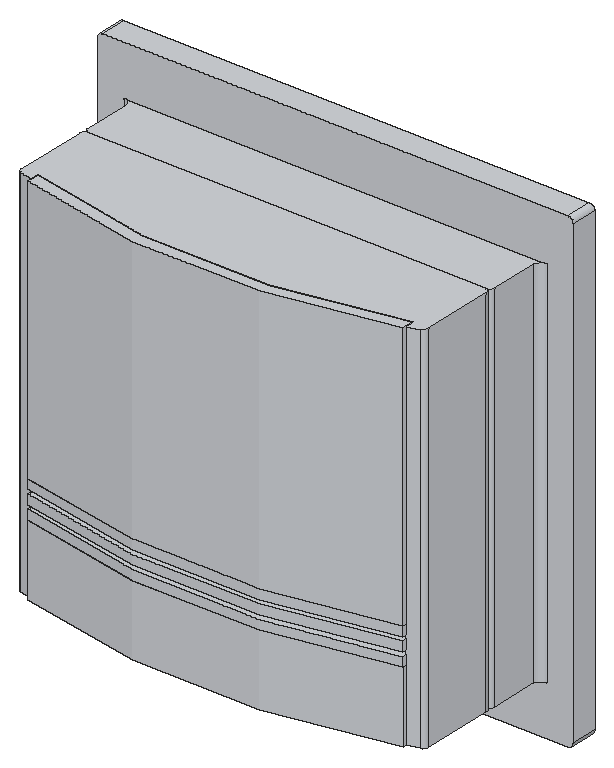
Revit family "室内用湿度ｾﾝｻｰ(ロゴなし)", category Electrical Equipment, Revit 2020
Family settings
  Panel Configuration = Two Columns, Circuits Across
  Round Connector Dimension = Use Diameter
  Part Type = Panelboard
  OmniClass Number = 23.80.30.11.17
  OmniClass Title = Distribution Boards and Control Panels
  Work Plane-Based = No
  Always vertical = Yes
  Cut with Voids When Loaded = No
  Shared = No
  Room Calculation Point = No
Parameters
  電線管φ [instance] = 1 mm
  built-in parameter 1140142 [instance] = -1
  built-in parameter 1140140 [instance] = 1 (stored number, unit not read)
  built-in parameter 1155100 [instance] = -1
  Default Elevation = 0 mm
Reference planes
  plane 1 "中心(正面/背面)": y = 0
  plane 2: z = 0
  plane 3 "中心(左/右)": x = 0
Forms (mm)
  Extrusion 1, solid
    sketch origin (0, 0, 0) x (1, 0, 0) y (0, 0, 1)
      loop
        arc (-45, -44) -> (-44.707, -44.707) -> (-44, -45) r 1
        line (-44, -45) -> (44, -45)
        arc (44, -45) -> (44.707, -44.707) -> (45, -44) r 1
        line (45, -44) -> (45, 44)
        arc (45, 44) -> (44.707, 44.707) -> (44, 45) r 1
        line (44, 45) -> (-44, 45)
        arc (-44, 45) -> (-44.707, 44.707) -> (-45, 44) r 1
        line (-45, 44) -> (-45, -44)
    from -27.5 to -22.5
  Extrusion 2, solid
    sketch origin (0, 0, 0) x (1, 0, 0) y (0, 1, 0)
      loop
        arc (-40, 22.5) -> (-38.939, 22.061) -> (-38.5, 21) r 1.5
        line (-38.5, 21) -> (-38.5, 12)
        arc (-38.5, 12) -> (-38.207, 11.293) -> (-37.5, 11) r 1
        line (-37.5, 11) -> (37.5, 11)
        arc (37.5, 11) -> (38.207, 11.293) -> (38.5, 12) r 1
        line (38.5, 12) -> (38.5, 21)
        arc (38.5, 21) -> (38.939, 22.061) -> (40, 22.5) r 1.5
        line (40, 22.5) -> (-40, 22.5)
    from -35.5 to 35.41
  Extrusion 3, solid
    sketch origin (0, 0, 0) x (1, 0, 0) y (0, 1, 0)
      loop
        arc (-37.5, 11) -> (-38.207, 10.707) -> (-38.5, 10) r 1
        line (-38.5, 10) -> (-38.5, -3.669)
        arc (-38.5, -3.669) -> (-38.307, -4.259) -> (-37.804, -4.622) r 1
        arc (-37.804, -4.622) -> (-36.654, -4.982) -> (-35.5, -5.331) r 124.5
        line (-35.5, -5.331) -> (-35.5, -3.557)
        arc (-35.5, -3.557) -> (0, -8.8) -> (35.5, -3.557) r 122.8
        line (35.5, -3.557) -> (35.5, -5.331)
        arc (35.5, -5.331) -> (36.654, -4.982) -> (37.804, -4.622) r 124.5
        arc (37.804, -4.622) -> (38.307, -4.259) -> (38.5, -3.669) r 1
        line (38.5, -3.669) -> (38.5, 10)
        arc (38.5, 10) -> (38.207, 10.707) -> (37.5, 11) r 1
        line (37.5, 11) -> (-37.5, 11)
    from -35.5 to 35.5
  Extrusion 4, solid
    sketch origin (0, 0, 0) x (1, 0, 0) y (0, 1, 0)
      loop
        arc (-35.5, -5.853) -> (0, -11) -> (35.5, -5.853) r 125
        line (35.5, -5.853) -> (35.5, -3.557)
        arc (35.5, -3.557) -> (0, -8.8) -> (-35.5, -3.557) r 122.8
        line (-35.5, -3.557) -> (-35.5, -5.853)
    from -35.5 to -22
  Extrusion 5, solid
    sketch origin (0, -0.043, 0) x (1, 0, 0) y (0, 1, 0)
      loop
        arc (-35.5, -5.853) -> (0, -11) -> (35.5, -5.853) r 125
        line (35.5, -5.853) -> (35.5, -3.557)
        arc (35.5, -3.557) -> (0, -8.8) -> (-35.5, -3.557) r 122.8
        line (-35.5, -3.557) -> (-35.5, -5.853)
    from -15 to 35.5
  Extrusion 6, solid
    sketch origin (0, -0.043, -4.4) x (1, 0, 0) y (0, 1, 0)
      loop
        arc (-35.5, -5.853) -> (0, -11) -> (35.5, -5.853) r 125
        line (35.5, -5.853) -> (35.5, -3.557)
        arc (35.5, -3.557) -> (0, -8.8) -> (-35.5, -3.557) r 122.8
        line (-35.5, -3.557) -> (-35.5, -5.853)
    from -15 to -13.2
  Extrusion 7, solid
    sketch origin (0, -0.043, -1.8) x (1, 0, 0) y (0, 1, 0)
      loop
        arc (-35.5, -5.853) -> (0, -11) -> (35.5, -5.853) r 125
        line (35.5, -5.853) -> (35.5, -3.557)
        arc (35.5, -3.557) -> (0, -8.8) -> (-35.5, -3.557) r 122.8
        line (-35.5, -3.557) -> (-35.5, -5.853)
    from -15 to -13.2
  Extrusion 8, solid
    sketch origin (0, -0.043, -7) x (1, 0, 0) y (0, 1, 0)
      loop
        arc (-35.5, -5.853) -> (0, -11) -> (35.5, -5.853) r 125
        line (35.5, -5.853) -> (35.5, -3.557)
        arc (35.5, -3.557) -> (0, -8.8) -> (-35.5, -3.557) r 122.8
        line (-35.5, -3.557) -> (-35.5, -5.853)
    from -15 to -13.2
  Extrusion 9, solid
    sketch origin (0, 0, 0) x (1, 0, 0) y (0, 0, 1)
      loop
        circle (0, 0) r 0.5
    from -27.5 to -11
Dimensions and locks
  "電線管φ": diameter of Extrusion 9 sketch curve
  aligned and locked: level to plane 2
Automatic sketch dimensions
  Extrusion 1 sketch curve to plane 3 "中心(左/右)" = 45 mm
  Extrusion 1 sketch curve to Extrusion 1 sketch curve = 1 mm  (x3)
  plane 3 "中心(左/右)" to Extrusion 1 sketch curve = 44 mm  (x2)
  Extrusion 1 sketch curve to level = 45 mm
  level to Extrusion 1 sketch curve = 44 mm
  Extrusion 2 sketch curve to plane 3 "中心(左/右)" = 40 mm
  Extrusion 2 sketch curve to Extrusion 2 sketch curve = 1.5 mm  (x2)
  Extrusion 2 sketch curve to Extrusion 2 sketch curve = 1 mm  (x2)
  Extrusion 2 sketch curve to plane 1 "中心(正面/背面)" = 11 mm
  plane 3 "中心(左/右)" to Extrusion 2 sketch curve = 37.5 mm
  Extrusion 2 sketch curve to Extrusion 2 sketch curve = 9 mm  (x2)
  Extrusion 2 sketch curve to Extrusion 2 sketch curve = 0 mm  (x3)
  Extrusion 3 sketch curve to Extrusion 3 sketch curve = 0 mm  (x6)
  Extrusion 3 sketch curve to plane 3 "中心(左/右)" = 0 mm
  plane 1 "中心(正面/背面)" to Extrusion 3 sketch curve = 5.331 mm  (x2)
  Extrusion 3 sketch curve to plane 3 "中心(左/右)" = 35.5 mm
  Extrusion 3 sketch curve to Extrusion 3 sketch curve = 2 mm  (x4)
  Extrusion 3 sketch curve to Extrusion 3 sketch curve = 1 mm  (x2)
  plane 3 "中心(左/右)" to Extrusion 3 sketch curve = 35.5 mm
  Extrusion 3 sketch curve to Extrusion 3 sketch curve = 1.662 mm  (x2)
  Extrusion 3 sketch curve to Extrusion 3 sketch curve = 1.775 mm
  Extrusion 3 sketch curve to plane 1 "中心(正面/背面)" = 10 mm
  Extrusion 3 sketch curve to Extrusion 3 sketch curve = 103 mm
  Extrusion 4 sketch curve to Extrusion 4 sketch curve = 0 mm  (x2)
  Extrusion 4 sketch curve to plane 3 "中心(左/右)" = 0 mm
  plane 1 "中心(正面/背面)" to Extrusion 4 sketch curve = 5.853 mm  (x2)
  Extrusion 4 sketch curve to plane 3 "中心(左/右)" = 35.5 mm
  Extrusion 4 sketch curve to Extrusion 4 sketch curve = 2.296 mm
  Extrusion 4 sketch curve to plane 1 "中心(正面/背面)" = 114 mm
  Extrusion 5 sketch curve to Extrusion 5 sketch curve = 0 mm  (x2)
  Extrusion 5 sketch curve to plane 3 "中心(左/右)" = 0 mm
  plane 1 "中心(正面/背面)" to Extrusion 5 sketch curve = 5.896 mm  (x2)
  Extrusion 5 sketch curve to plane 3 "中心(左/右)" = 35.5 mm
  Extrusion 5 sketch curve to Extrusion 5 sketch curve = 2.296 mm
  Extrusion 5 sketch curve to plane 1 "中心(正面/背面)" = 113.957 mm
  Extrusion 6 sketch curve to Extrusion 6 sketch curve = 0 mm  (x2)
  Extrusion 6 sketch curve to plane 3 "中心(左/右)" = 0 mm
  plane 1 "中心(正面/背面)" to Extrusion 6 sketch curve = 5.896 mm  (x2)
  Extrusion 6 sketch curve to plane 3 "中心(左/右)" = 35.5 mm
  Extrusion 6 sketch curve to Extrusion 6 sketch curve = 2.296 mm
  Extrusion 6 sketch curve to plane 1 "中心(正面/背面)" = 113.957 mm
  Extrusion 7 sketch curve to Extrusion 7 sketch curve = 0 mm  (x2)
  Extrusion 7 sketch curve to plane 3 "中心(左/右)" = 0 mm
  plane 1 "中心(正面/背面)" to Extrusion 7 sketch curve = 5.896 mm  (x2)
  Extrusion 7 sketch curve to plane 3 "中心(左/右)" = 35.5 mm
  Extrusion 7 sketch curve to Extrusion 7 sketch curve = 2.296 mm
  Extrusion 7 sketch curve to plane 1 "中心(正面/背面)" = 113.957 mm
  Extrusion 8 sketch curve to Extrusion 8 sketch curve = 0 mm  (x2)
  Extrusion 8 sketch curve to plane 3 "中心(左/右)" = 0 mm
  plane 1 "中心(正面/背面)" to Extrusion 8 sketch curve = 5.896 mm  (x2)
  Extrusion 8 sketch curve to plane 3 "中心(左/右)" = 35.5 mm
  Extrusion 8 sketch curve to Extrusion 8 sketch curve = 2.296 mm
  Extrusion 8 sketch curve to plane 1 "中心(正面/背面)" = 113.957 mm
  Extrusion 9 sketch curve to level = 0 mm
  Extrusion 9 sketch curve to plane 3 "中心(左/右)" = 0 mm
Connectors
  electrical at (0, 22.5, -0.045)
    settings: on Extrusion 2, index 1, voltage 0 V, apparent load 0 VA, apparent load phase1 0 VA, apparent load phase2 0 VA, apparent load phase3 0 VA, power factor 1, load classification "その他", number of poles 1, system type 31, power factor state 1, is connector primary yes, connector utility no, sub classification motor no, connector description ""
  cabletrayconduit at (0, 27.5, 0), diameter 1, driven by "電線管φ"
    settings: on Extrusion 9, index 2, connector width 300 mm, connector height 300 mm, connector angle 0.00°, system type 32, placement type 0, profile type 0, connector reference index -1, is primary connector yes, connector utility param no, connector description ""
